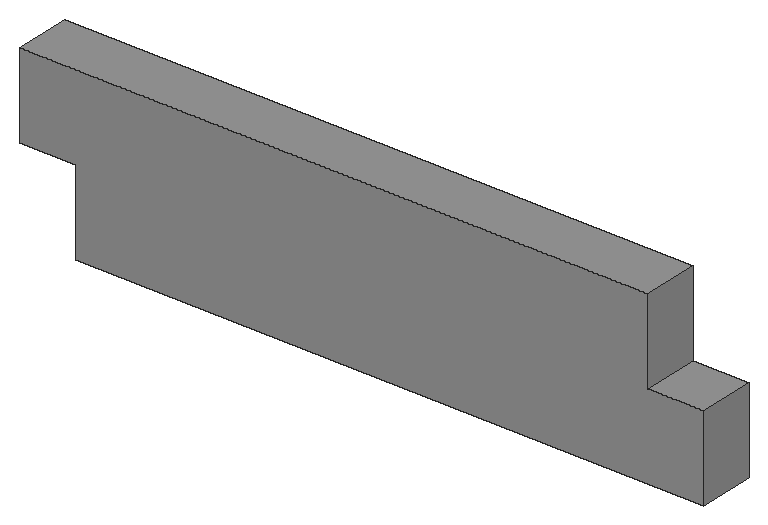
Revit family "4. Multicolor_PNormal_ESP", category Generic Models, host Wall, Revit 2015
Parameters (values of type "Stonepanel® SKY Multicolor")
  Ventajas de Stonepanel = "Eficaz: Instalación ágil y sencilla : 10 veces más rápido que la mampostería tradicional (Ritmo medio de colocación de 20 m2/día). Mayor rentabilidad gracias al menor desperdicio de material en obra y a la durabilidad de un producto natural frente a otros revestimientos. La colocación de los paneles no requiere mano de obra ni maquinaria especializada.\r\nSeguro: Un sistema de anclaje patentado, de acero inoxidable, que permite su instalación a más de 2 metros de altura. Base de cemento homogénea y rugosa que garantiza la adhesión y permite el corte sin desprendimiento.\r\nCalidad: Control permanente del proceso de producción desde la oficina I+D+I. Una cuidada selección de piedra natural realizada por los expertos de CUPASTONE. Disponibilidad de piezas especiales para adaptarse perfectamente a cada edificio: esquinas (macizas, rectas, dobles o para ventanas), cubremuros, y otros complementarios.\r\nEstética: Forma de “S” que evita la visión de las juntas para homogenizar el aspecto final. Gran variedad de paneles para elegir entre colores y acabados de piedra natural. La propia belleza y exclusividad de la piedra natural: Cada piedra es\r\núnica."
  Usos Indicados = "Revestimiento de Paredes exteriores e interiores en edificaciones nuevas o rehabilitaciones"
  Uniclass 2015 = "Pr_25_71_14_56 Natural stone panels"
  Uniclass 2 = "Pr_25_71_14_56 Natural stone panels"
  URL = "http://www.cupastone.es/producto/stonepanel-multicolor/"
  Sistema de anclaje = "Cinta perforada en acero inoxidable:\r\n- Naturaleza del acero: AISI 316 (1.4401) o AISI 304 (1.4301)\r\n- Espesor mínimo (mm) : 0,7\r\n- Ancho (mm) : 12 a 15\r\n- Diámetro del hueco (mm) : 6 ± 1\r\n\r\nTacos:\r\nLa elección de los tacos y clavijas de fijación debe ser realizada teniendo en cuenta la acción en depresión del viento (muros exteriores) y de la resistencia de los tacos en el soporte, en función de la naturaleza del soporte."
  Resistencia al fuego = "No combustible"
  Resistencia a la flexión = "-"
  Resistencia al hielo = "Sin alteraciones despues de 50 ciclos"
  Resistencia = "Buena resistencia"
  Peso = "6,5 kg"
  Oxidación = "No oxida"
  Otros datos de interés del producto = "Dispone de un anclaje para instalar a alturas superiores a 2 metros"
  Omniclass = "23-15 15 15 11"
  Número de serie = "SPZ-24A"
  NBS Reference = "45-25-45/380 Natural stone panels"
  Model = "Stonepanel® SKY Multicolor"
  Material = "Panel de pizarra marrón rojiza salpicada de tonalidades más oscuras y claras, una composición original para ambientes contemporáneos."
  Limpieza = "En general, los paneles no requieren mantenimiento y son auto- limpiantes, pero la eliminación de algunos tipos de marcas pueden requerir un tratamiento especializado.\r\nEn caso de suciedad anormal, la superficie puede limpiarse con una mezcla / detergente doméstico y agua caliente , aplicada con una almohadilla de limpieza adecuado o una esponja."
  Largo = 610 mm
  Impacto = "-"
  Type Image = <None>
  H1 = 76 mm
  Formato = "610x152"
  Forma de suministro = "Los paneles se presentan en parejas, en un embalaje plástico o en cajas de cartón de 3 o 4 piezas."
  Forma = "Forma de \"s\""
  Manufacturer = "Cupastone"
  Envejecimiento opr cambio térmicos = "Sin alteraciones despues de 20 ciclos."
  Ensayos realizados por SINTEF = "Ensayo a los materiales de piedra, Ensayos a los paneles, Durabilidad y absorción de agua"
  Ensayos realizados por DIBt = "Adherencia entre piedra y mortero, Adherencia entre piedra y mortero tras 50 ciclos de hielo-deshielo"
  Ensayos realizados por BBA = "Resistencia a daños por heladicidad, Resistencia a choque térmico, Adherencia entre piedra y mortero, Resistencia al arrancamiento del anclaje, Resistencia a impacto"
  Ensayos realizados por Avis Technique = "Resistencia mecánica del anclaje, Resistencia mecánica de la cinta de seguridad, Ensayo de durabilidad tras la acción del agua, Ensayo de durabilidad tras la acción del hielo, Ensayo sísmico"
  Durabilidad = "Según el certificado BBA, el sistema tiene una vida de diseño superior a 30 años."
  Detalles constructivos = "Detalles de:\r\n- Instalación con perfil metálico\r\n- Instalación de Stonepanel\r\n- Instalación en muro interior\r\n- Instalación del elemento de seguridad (cinta perforada + tacos)\r\n- Esquinas entrantes\r\n- Esquinas salientes\r\n- Esquinas salientes pre-fabricadas\r\n- Esquinas salientes mediante serrado del panel\r\n- Esquinas salientes sin continuidad de Stonepanel (caso de una fachada lateral)\r\n- Bordes superiores\r\n- Sobre parapeto\r\n- Marco de vano"
  Desfase de altura = 0 mm
  Description = "Pieza de piedra natural montada sobre una base de cemento y reforzada con una malla de fibra de vidrio .\r\nPosee sistema de anclaje patentado, de acero inoxidable, que permite su instalación a más de 2 metros de altura"
  Densidad aparente = "79 kg/m2"
  Color secundario = "Gris"
  Color principal = "Marrón"
  Certificaciones = "BBA - Reino Unido, Avis Technique - Francia, DIBt - Alemania, SINTEF - Noruega"
  Aspecto = "Rústico"
  Ancho = 50 mm
  Alto = 152 mm
  Adherencia del mortero = ">1N/mm2"
  Acabado = "Natural"
  Absorción = "Baja absorción"
Reference planes
  plane 1 "Muro": y = 0
  plane 2 "Centro (Izquierda/Derecha)": x = 125
  plane 3 "Posterior": y = 75
Forms (mm)
  Extrusion 1, solid, material "Stonepanel® SKY Multicolor"
    sketch origin (0, 160, 1120) x (1, 0, 0) y (0, 0, 1)
      loop
        line (125, -1120) -> (125, -1044) -> (75, -1044) -> (75, -968) -> (-485, -968) -> (-485, -1044) -> (-435, -1044) -> (-435, -1120) -> (125, -1120)
    from 35 to 85
Text (mm)
  text "Cara de colocación" at (-1848.837, 1116.779, 0), in view "Nivel de referencia"
  text "Cara de colocación" at (0, 1409.804, 2854.306), in view "Izquierda"
  text "Cara de colocación" at (0, 499.811, 2980.732), in view "Derecha"
Dimensions and locks
  locked: plane 3 "Posterior" to host wall
  locked: Extrusion 1 to plane 3 "Posterior" at 0
  "Ancho": Extrusion 1 to Extrusion 1
  "Largo": Extrusion 1 to Extrusion 1
  "H1": Extrusion 1 to Extrusion 1
  "H1": level to Extrusion 1
  "Desfase de altura": level to Extrusion 1
  locked: Extrusion 1 to Extrusion 1 at 50  (x2)
  "Alto": Extrusion 1 to Extrusion 1
  aligned and locked: plane 1 "Muro" to host wall
Automatic sketch dimensions
  Extrusion 1 sketch curve to level = 0 mm
  Extrusion 1 sketch curve to plane 2 "Centro (Izquierda/Derecha)" = 0 mm
  Extrusion 1 sketch curve to plane 2 "Centro (Izquierda/Derecha)" = 50 mm
  Extrusion 1 sketch curve to Extrusion 1 sketch curve = 510 mm
  Extrusion 1 sketch curve to Extrusion 1 sketch curve = 50 mm
  level to Extrusion 1 sketch curve = 76 mm  (x2)
  Extrusion 1 sketch curve to Extrusion 1 sketch curve = 76 mm
